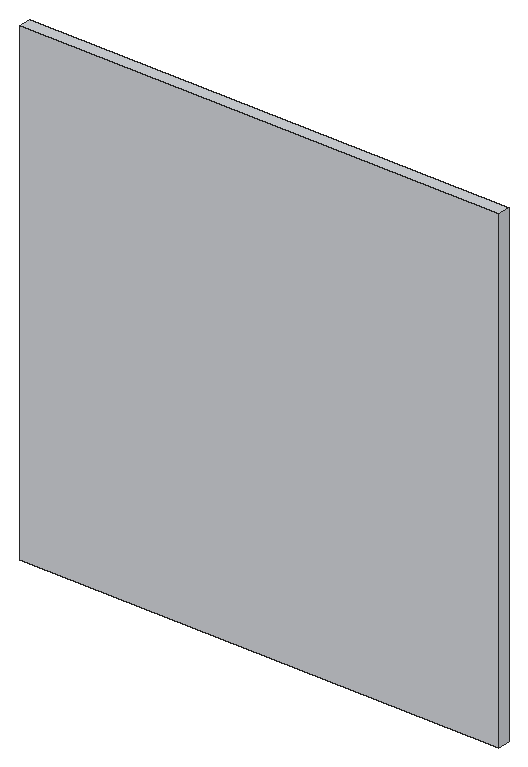
Revit family
Parameters
  Sign Thickness = 2 mm
  Height = 1500 mm
Reference planes
  plane 1 "Center (Front/Back)": y = -198
  plane 2: z = 0
  plane 3 "Center (Left/Right)": x = 0
  plane 4: z = 1500
  plane 5: y = -196
Forms (mm)
  Extrusion 1, solid
    sketch origin (0, -198, 0) x (1, 0, 0) y (0, 0, 1)
      loop
        line (37.5, 1462.5) -> (37.5, 1537.5) -> (-37.5, 1537.5) -> (-37.5, 1462.5) -> (37.5, 1462.5)
    from 0 to -2
Lines and regions (mm)
  model lines, style "Signage"
    curve 1: line (-30, -198, 1470) -> (0, -198, 1532.5)
    curve 2: line (0, -198, 1526.723) -> (-26.027, -198, 1472.5)
    curve 3: line (26.027, -198, 1472.5) -> (0, -198, 1526.723)
    curve 4: line (0, -198, 1532.5) -> (30, -198, 1470)
    curve 5: line (30, -198, 1470) -> (-30, -198, 1470)
    curve 6: line (-26.027, -198, 1472.5) -> (26.027, -198, 1472.5)
    curve 7: line (-8.056, -198, 1474.481) -> (8.056, -198, 1474.481)
    curve 8: line (-5.278, -198, 1476.446) -> (-8.173, -198, 1476.446)
    curve 9: line (8.056, -198, 1476.24) -> (5.063, -198, 1476.24)
    curve 10: line (8.056, -198, 1474.481) -> (8.056, -198, 1476.24)
    curve 11: line (5.063, -198, 1476.24) -> (6.924, -198, 1478.513)
    curve 12: line (6.924, -198, 1478.513) -> (8.786, -198, 1480.58)
    curve 13: line (8.786, -198, 1480.58) -> (10.027, -198, 1484.094)
    curve 14: line (10.027, -198, 1484.094) -> (10.854, -198, 1488.021)
    curve 15: line (10.854, -198, 1488.021) -> (12.715, -198, 1490.914)
    curve 16: line (12.715, -198, 1491.8) -> (9.406, -198, 1491.328)
    curve 17: line (9.406, -198, 1491.328) -> (9.82, -198, 1492.981)
    curve 18: line (9.82, -198, 1492.981) -> (10.233, -198, 1495.668)
    curve 19: line (10.233, -198, 1495.668) -> (10.233, -198, 1496.495)
    curve 20: line (10.233, -198, 1496.495) -> (7.338, -198, 1495.255)
    curve 21: line (7.338, -198, 1495.255) -> (8.372, -198, 1496.702)
    curve 22: line (8.372, -198, 1496.702) -> (10.027, -198, 1499.182)
    curve 23: line (10.027, -198, 1499.182) -> (9.406, -198, 1501.455)
    curve 24: line (9.406, -198, 1501.455) -> (6.511, -198, 1499.182)
    curve 25: line (6.511, -198, 1499.182) -> (6.304, -198, 1504.762)
    curve 26: line (6.304, -198, 1504.762) -> (5.27, -198, 1507.449)
    curve 27: line (5.27, -198, 1507.449) -> (3.202, -198, 1503.522)
    curve 28: line (3.202, -198, 1503.522) -> (1.547, -198, 1500.835)
    curve 29: line (1.547, -198, 1500.835) -> (0.513, -198, 1498.975)
    curve 30: line (0.513, -198, 1498.975) -> (-1.142, -198, 1496.288)
    curve 31: line (-1.142, -198, 1496.288) -> (-3.003, -198, 1497.322)
    curve 32: line (-3.003, -198, 1497.322) -> (-4.037, -198, 1496.908)
    curve 33: line (-4.037, -198, 1496.908) -> (-4.453, -198, 1493.376)
    curve 34: line (-5.485, -198, 1494.221) -> (-6.312, -198, 1495.048)
    curve 35: line (-6.312, -198, 1495.048) -> (-7.346, -198, 1495.255)
    curve 36: line (-7.346, -198, 1495.255) -> (-8.173, -198, 1494.428)
    curve 37: line (-8.173, -198, 1494.428) -> (-8.587, -198, 1492.981)
    curve 38: line (-8.587, -198, 1492.981) -> (-9.414, -198, 1491.534)
    curve 39: line (-9.414, -198, 1491.534) -> (-10.035, -198, 1489.674)
    curve 40: line (-10.035, -198, 1489.674) -> (-12.31, -198, 1489.674)
    curve 41: line (-12.31, -198, 1489.674) -> (-12.103, -198, 1488.641)
    curve 42: line (-12.103, -198, 1488.641) -> (-11.689, -198, 1484.3)
    curve 43: line (-11.689, -198, 1484.3) -> (-10.241, -198, 1482.233)
    curve 44: line (-10.241, -198, 1482.233) -> (-8.38, -198, 1479.547)
    curve 45: line (-8.38, -198, 1479.547) -> (-7.346, -198, 1478.1)
    curve 46: line (-7.346, -198, 1478.1) -> (-6.312, -198, 1477.273)
    curve 47: line (-6.312, -198, 1477.273) -> (-5.278, -198, 1476.653)
    curve 48: line (-5.278, -198, 1476.653) -> (-5.278, -198, 1476.446)
    curve 49: line (-5.278, -198, 1476.446) -> (-8.056, -198, 1476.446)
    curve 50: line (-1.116, -198, 1475.619) -> (-3.83, -198, 1478.72)
    curve 51: line (-3.83, -198, 1478.72) -> (-5.278, -198, 1480.993)
    curve 52: line (-5.278, -198, 1480.993) -> (-6.519, -198, 1483.68)
    curve 53: line (-6.519, -198, 1483.68) -> (-4.864, -198, 1483.887)
    curve 54: line (-4.864, -198, 1483.887) -> (-4.657, -198, 1488.434)
    curve 55: line (-4.657, -198, 1488.434) -> (-3.003, -198, 1488.021)
    curve 56: line (-3.003, -198, 1488.021) -> (-2.382, -198, 1490.501)
    curve 57: line (-2.382, -198, 1490.501) -> (-1.762, -198, 1491.741)
    curve 58: line (-1.762, -198, 1491.741) -> (-0.107, -198, 1492.568)
    curve 59: line (-0.107, -198, 1492.568) -> (0.306, -198, 1490.501)
    curve 60: line (0.306, -198, 1490.501) -> (1.961, -198, 1489.054)
    curve 61: line (1.961, -198, 1489.054) -> (3.202, -198, 1489.881)
    curve 62: line (3.202, -198, 1489.881) -> (4.029, -198, 1488.847)
    curve 63: line (4.029, -198, 1488.847) -> (3.615, -198, 1487.607)
    curve 64: line (3.615, -198, 1487.607) -> (4.443, -198, 1486.781)
    curve 65: line (4.443, -198, 1486.781) -> (5.27, -198, 1487.194)
    curve 66: line (5.27, -198, 1487.194) -> (5.683, -198, 1486.987)
    curve 67: line (5.683, -198, 1486.987) -> (5.27, -198, 1485.334)
    curve 68: line (5.27, -198, 1485.334) -> (5.063, -198, 1483.68)
    curve 69: line (5.063, -198, 1483.68) -> (5.477, -198, 1482.44)
    curve 70: line (5.477, -198, 1482.44) -> (6.511, -198, 1483.06)
    curve 71: line (6.511, -198, 1483.06) -> (6.511, -198, 1481.82)
    curve 72: line (6.511, -198, 1481.82) -> (1.961, -198, 1476.24)
    curve 73: line (1.961, -198, 1476.24) -> (1.754, -198, 1475.619)
    curve 74: line (-0.935, -198, 1506.002) -> (-1.142, -198, 1501.249)
    curve 75: line (-0.107, -198, 1507.036) -> (-0.935, -198, 1506.002)
    curve 76: line (1.34, -198, 1510.136) -> (-0.107, -198, 1507.036)
    curve 77: line (1.961, -198, 1506.416) -> (1.34, -198, 1510.136)
    curve 78: line (1.385, -198, 1504.305) -> (1.961, -198, 1506.416)
    curve 79: line (-1.142, -198, 1501.249) -> (-0.314, -198, 1501.249)
    curve 80: line (-0.314, -198, 1501.249) -> (1.385, -198, 1504.305)
    curve 81: line (-5.485, -198, 1494.221) -> (-4.453, -198, 1493.376)
    curve 82: line (1.754, -198, 1475.619) -> (-1.116, -198, 1475.619)
    curve 83: line (-8.056, -198, 1474.481) -> (-8.056, -198, 1476.446)
    curve 84: line (12.715, -198, 1490.914) -> (12.715, -198, 1491.8)
  symbolic lines, style "2D Signage Placement Lines"
    curve 85: line (-150, -196, 0) -> (150, -196, 0)
    curve 86: line (0, -196, 0) -> (0, -346, 0)
Dimensions and locks
  "Height": plane 4 to level
  "Sign Thickness": plane 1 "Center (Front/Back)" to plane 5
  aligned and locked: Extrusion 1 to plane 5
  aligned and locked: plane 1 "Center (Front/Back)" to Extrusion 1
Automatic sketch dimensions
  plane 4 to Extrusion 1 sketch curve = 37.5 mm
  Extrusion 1 sketch curve to plane 3 "Center (Left/Right)" = 37.5 mm
  plane 3 "Center (Left/Right)" to Extrusion 1 sketch curve = 37.5 mm
  Extrusion 1 sketch curve to plane 4 = 37.5 mm
  curve 3 to plane 3 "Center (Left/Right)" = 0 mm
  curve 58 to plane 3 "Center (Left/Right)" = 0.107 mm
  curve 75 to plane 3 "Center (Left/Right)" = 0.107 mm
  curve 80 to plane 3 "Center (Left/Right)" = 0.314 mm
  curve 75 to plane 3 "Center (Left/Right)" = 0.935 mm
  curve 82 to plane 3 "Center (Left/Right)" = 1.116 mm
  curve 74 to curve 79 = 0.827 mm
  curve 30 to plane 3 "Center (Left/Right)" = 1.142 mm
  curve 57 to plane 3 "Center (Left/Right)" = 1.762 mm
  curve 56 to curve 57 = 0.62 mm
  curve 31 to curve 30 = 1.861 mm
  curve 55 to curve 56 = 0.62 mm
  curve 50 to plane 3 "Center (Left/Right)" = 3.83 mm
  curve 33 to curve 31 = 1.034 mm
  curve 81 to curve 57 = 2.691 mm
  curve 54 to curve 55 = 1.655 mm
  curve 54 to curve 55 = 1.861 mm
  curve 49 to curve 50 = 1.448 mm
  curve 52 to curve 50 = 1.448 mm
  curve 34 to curve 33 = 1.032 mm
  curve 46 to curve 47 = 1.034 mm
  curve 34 to curve 34 = 0.827 mm
  curve 53 to curve 53 = 1.655 mm
  curve 35 to curve 34 = 1.034 mm
  curve 46 to curve 46 = 1.034 mm
  curve 83 to curve 46 = 1.745 mm
  curve 36 to curve 35 = 0.827 mm
  curve 8 to curve 49 = 0.117 mm
  curve 44 to curve 45 = 1.034 mm
  curve 38 to curve 36 = 0.414 mm
  curve 38 to curve 37 = 0.827 mm
  curve 40 to curve 38 = 0.62 mm
  curve 44 to curve 44 = 1.861 mm
  curve 42 to curve 43 = 1.448 mm
  curve 42 to curve 39 = 2.068 mm
  curve 40 to curve 41 = 0.207 mm
  curve 2 to curve 7 = 17.97 mm
  curve 1 to curve 2 = 3.973 mm
  plane 3 "Center (Left/Right)" to curve 59 = 0.306 mm
  plane 3 "Center (Left/Right)" to curve 29 = 0.513 mm
  plane 3 "Center (Left/Right)" to curve 76 = 1.34 mm
  plane 3 "Center (Left/Right)" to curve 80 = 1.385 mm
  plane 3 "Center (Left/Right)" to curve 28 = 1.547 mm
  plane 3 "Center (Left/Right)" to curve 82 = 1.754 mm
  curve 73 to curve 73 = 0.207 mm
  plane 3 "Center (Left/Right)" to curve 78 = 1.961 mm
  plane 3 "Center (Left/Right)" to curve 60 = 1.961 mm
  curve 60 to curve 62 = 1.241 mm
  curve 78 to curve 27 = 1.817 mm
  curve 60 to curve 64 = 1.655 mm
  curve 63 to curve 62 = 0.414 mm
  curve 63 to curve 64 = 0.827 mm
  curve 64 to curve 68 = 0.62 mm
  curve 72 to curve 9 = 3.102 mm
  curve 68 to curve 67 = 0.207 mm
  curve 77 to curve 26 = 3.309 mm
  curve 64 to curve 66 = 0.827 mm
  curve 68 to curve 70 = 0.414 mm
  curve 65 to curve 67 = 0.414 mm
  curve 26 to curve 25 = 1.034 mm
  curve 69 to curve 71 = 1.034 mm
  plane 4 to curve 24 = 0.818 mm
  curve 28 to curve 24 = 4.964 mm
  curve 9 to curve 12 = 1.861 mm
  curve 24 to curve 21 = 0.827 mm
  curve 11 to curve 10 = 1.132 mm
  plane 4 to curve 22 = 3.298 mm
  curve 20 to curve 22 = 1.034 mm
  curve 71 to curve 13 = 2.275 mm
  curve 23 to plane 4 = 1.455 mm
  curve 24 to curve 23 = 2.895 mm
  curve 20 to curve 17 = 2.068 mm
  curve 16 to curve 18 = 0.414 mm
  plane 4 to curve 23 = 0.818 mm
  curve 23 to curve 23 = 0.62 mm
  curve 70 to curve 14 = 3.516 mm
  plane 4 to curve 18 = 4.332 mm
  curve 21 to curve 18 = 1.861 mm
  curve 16 to curve 15 = 1.448 mm
  curve 17 to curve 16 = 2.895 mm
  curve 7 to curve 3 = 17.97 mm
  curve 3 to curve 4 = 3.973 mm
  curve 20 to curve 21 = 1.447 mm
  plane 4 to curve 36 = 4.745 mm
  curve 35 to curve 35 = 0.207 mm
  curve 37 to curve 35 = 0.827 mm
  curve 81 to curve 34 = 0.827 mm
  curve 81 to curve 34 = 0.845 mm
  curve 37 to curve 36 = 1.447 mm
  curve 18 to curve 18 = 2.687 mm
  curve 59 to curve 33 = 0.809 mm
  curve 84 to curve 17 = 1.181 mm
  curve 57 to curve 58 = 0.827 mm
  curve 39 to curve 37 = 1.447 mm
  curve 16 to curve 17 = 1.653 mm
  curve 84 to curve 84 = 0.886 mm
  curve 60 to curve 58 = 2.067 mm
  curve 56 to curve 57 = 1.24 mm
  curve 61 to curve 59 = 0.62 mm
  curve 41 to curve 38 = 1.86 mm
  curve 60 to curve 61 = 0.827 mm
  curve 62 to curve 61 = 1.033 mm
  curve 41 to curve 40 = 1.033 mm
  curve 54 to curve 56 = 2.067 mm
  curve 14 to curve 15 = 2.894 mm
  curve 56 to curve 54 = 0.413 mm
  curve 64 to curve 62 = 1.24 mm
  curve 65 to curve 63 = 0.413 mm
  curve 66 to curve 65 = 0.207 mm
  curve 65 to curve 65 = 0.413 mm
  curve 67 to curve 64 = 1.447 mm
  curve 42 to curve 41 = 4.34 mm
  curve 14 to curve 14 = 3.927 mm
  curve 54 to curve 55 = 4.134 mm
  curve 52 to curve 53 = 0.207 mm
  curve 69 to curve 67 = 1.653 mm
  curve 70 to curve 68 = 0.62 mm
  curve 69 to curve 70 = 0.62 mm
  curve 44 to curve 42 = 2.067 mm
  curve 71 to curve 69 = 0.62 mm
  curve 52 to curve 53 = 2.894 mm
  curve 13 to curve 71 = 1.24 mm
  curve 44 to curve 43 = 2.687 mm
  curve 50 to curve 51 = 2.274 mm
  curve 12 to curve 12 = 2.067 mm
  curve 45 to curve 44 = 1.447 mm
  curve 46 to curve 45 = 0.827 mm
  curve 47 to curve 46 = 0.62 mm
  curve 48 to curve 47 = 0.207 mm
  curve 11 to curve 12 = 2.274 mm
  curve 73 to curve 11 = 0 mm
  curve 82 to curve 72 = 0.62 mm
  curve 7 to curve 49 = 1.965 mm
  curve 6 to curve 7 = 1.981 mm
  curve 5 to curve 3 = 2.5 mm
  plane 4 to curve 31 = 3.712 mm
  curve 18 to curve 20 = 0.827 mm
  curve 34 to curve 33 = 1.86 mm
  curve 32 to curve 32 = 0.413 mm
  plane 4 to curve 29 = 1.025 mm
  curve 28 to plane 4 = 0.835 mm
  curve 80 to plane 4 = 1.249 mm
  curve 28 to curve 28 = 2.687 mm
  curve 27 to curve 78 = 0.782 mm
  curve 27 to curve 25 = 1.24 mm
  curve 78 to curve 74 = 1.698 mm
  curve 78 to curve 77 = 2.111 mm
  curve 74 to curve 76 = 1.033 mm
  curve 25 to curve 26 = 2.687 mm
  curve 75 to curve 76 = 3.1 mm
  curve 76 to curve 2 = 16.587 mm
  curve 2 to curve 1 = 5.777 mm
  curve 4 to plane 3 "Center (Left/Right)" = 0 mm
  curve 85 to plane 5 = 0 mm
  curve 86 to plane 3 "Center (Left/Right)" = 0 mm
  curve 85 to plane 3 "Center (Left/Right)" = 150 mm
  plane 3 "Center (Left/Right)" to curve 85 = 150 mm
  plane 1 "Center (Front/Back)" to curve 86 = 148 mm
